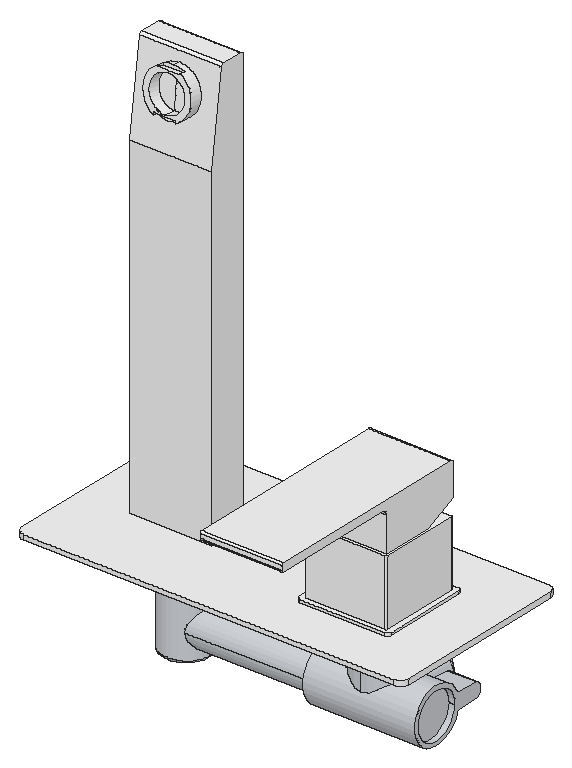
Revit family "Reece_Tap_Mizu_Bloc MK2_Basin Mixer Set", category Plumbing Fixtures, host Face, Revit 2018
Family settings
  Host = Face
  Round Connector Dimension = Use Diameter
  Part Type = Normal
  Cut with Voids When Loaded = No
  Shared = Yes
  Room Calculation Point = Yes
Parameters (values of type "Chrome")
  WFU = 0  # constant formula
  URL = "https://www.reece.com.au/product/-9508072"
  Type Comments = "Tap\r\n"
  Reece_Tap_Reach = 203 mm  # constant formula
  Reece_Tap_Inlet = 25 mm  # constant formula
  Reece_Tap_Clearance = 36 mm  # constant formula
  Reece_Product_Web Page = "https://www.reece.com.au/product/-9508072"
  Reece_Product_Type = "Tap\r\n"  # constant formula
  Reece_Product_Sub Brand = "Bloc MK2\r\n"  # constant formula
  Reece_Product_Number = "9508072"
  Reece_Product_Mount = "Wall Mounted"
  Reece_Product_Description = "Mizu Bloc MK2 Wall Basin Mixer Tap Set Chrome (4 Star)"
  Reece_Product_Brand = "Mizu\r\n"  # constant formula
  Reece_Overall_Width = 200 mm  # constant formula
  Reece_Overall_Length = 100 mm  # constant formula
  Reece_Overall_Height = 139 mm  # constant formula
  Reece_Material-Main = Reece_Brass_Chrome
  Reece_Detail_Installation = ""
  Reece_Detail_Disclaimer = "THIS FILE IS THE PROPERTY OF THE REECE GROUP. IT MAY NOT BE REPRODUCED, REVERSE-ENGINEERED OR MODIFIED. ANY REPUBLICATION, TRANSMISSION OR DISTRIBUTION FOR THE PURPOSE OF COMMERCIALLY EXPLOITING THE FILES IS PROHIBITED."  # constant formula
  Reece_Detail_Connector = ""
  Reece_Detail_Additional = "Basin Mixer Set\r\n"  # constant formula
  Model = "Bloc MK2\r\n"
  Manufacturer = "Mizu\r\n"
  Keynote = "Product #9508072, Reece_Tap_Mizu_Bloc MK2_Basin Mixer Set - Chrome"
  HWFU = 0  # constant formula
  Disclaimer = "THIS FILE IS THE PROPERTY OF THE REECE GROUP. IT MAY NOT BE REPRODUCED, REVERSE-ENGINEERED OR MODIFIED. ANY REPUBLICATION, TRANSMISSION OR DISTRIBUTION FOR THE PURPOSE OF COMMERCIALLY EXPLOITING THE FILES IS PROHIBITED."  # constant formula
  Description = "Mizu Bloc MK2 Wall Basin Mixer Tap Set Chrome (4 Star)"
  Default Elevation = 1000 mm
  CWFU = 0  # constant formula
Types (3, lengths in mm): name | URL | Reece_Product_Web Page | Reece_Product_Number | Reece_Product_Description | Reece_Material-Main | Keynote | Description
  (no name) | "https://www.reece.com.au/product/-9508072" | "https://www.reece.com.au/product/-9508072" | "9508072" | "Mizu Bloc MK2 Wall Basin Mixer Tap Set Chrome (4 Star)" | Reece_Brass_Chrome | "Product #9508072, Reece_Tap_Mizu_Bloc MK2_Basin Mixer Set -  " | "Mizu Bloc MK2 Wall Basin Mixer Tap Set Chrome (4 Star)"
  Chrome | "https://www.reece.com.au/product/-9508072" | "https://www.reece.com.au/product/-9508072" | "9508072" | "Mizu Bloc MK2 Wall Basin Mixer Tap Set Chrome (4 Star)" | Reece_Brass_Chrome | "Product #9508072, Reece_Tap_Mizu_Bloc MK2_Basin Mixer Set - Chrome" | "Mizu Bloc MK2 Wall Basin Mixer Tap Set Chrome (4 Star)"
  Matte Black | "https://www.reece.com.au/product/-9508086" | "https://www.reece.com.au/product/-9508086" | "9508086" | "Mizu Bloc MK2 Wall Basin Mixer Tap Set Matte Black (4 Star)" | Reece_Brass_Matte Black | "Product #9508086, Reece_Tap_Mizu_Bloc MK2_Basin Mixer Set - Matte Black" | "Mizu Bloc MK2 Wall Basin Mixer Tap Set Matte Black (4 Star)"
Reference planes
  plane 1 "Center (Front/Back)": y = 0
  plane 2 "Bottom": z = 0
  plane 3 "Center (Left/Right)": x = 0
  plane 4: z = 64.055
  plane 5: z = 37.918
  plane 6: z = -56.108
  plane 7 "top": z = 222.892
  plane 8: z = 205.571
  plane 9: x = 50
  plane 10: y = 50.042
  plane 11: y = -49.958
  plane 12: x = -50
  plane 13: y = -88.958
  plane 14: y = 21.002
  plane 15: x = -98.343
  plane 16: x = 101.657
  plane 17: z = 2.571
  plane 18: y = -13.958
Forms (mm)
  Extrusion 1, solid
    sketch origin (50.581, 0, 0.182) x (0, 1, 0) y (0, 0, 1)
      loop
        arc (27.671, -40.423) -> (27.105, -38.998) -> (25.715, -38.352) r 2.075
        line (25.715, -38.352) -> (14.251, -37.697)
        arc (14.251, -37.697) -> (13.306, -37.405) -> (12.605, -36.709) r 2.065
        arc (12.605, -36.709) -> (-14.259, -42.344) -> (12.666, -47.68) r 14.007
        arc (12.666, -47.68) -> (13.13, -46.559) -> (14.251, -46.095) r 1.585
        line (14.251, -46.095) -> (25.576, -45.528)
        arc (25.576, -45.528) -> (27.064, -44.846) -> (27.671, -43.326) r 2.205
        line (27.671, -43.326) -> (27.671, -40.423)
    from -28.981 to 28.981
  Revolve 2, solid
    sketch origin (50.269, 0, 0) x (0, 1, 0) y (0, 0, 1)
      loop
        arc (29.5, -56.006) -> (30.536, -55.577) -> (30.965, -54.541) r 1.465
        line (30.965, -54.541) -> (30.965, -41.714) -> (-13.423, -41.714) -> (-13.423, -43.07)
        arc (-13.423, -43.07) -> (-9.635, -52.217) -> (-0.488, -56.006) r 12.935
        line (-0.488, -56.006) -> (29.5, -56.006)
      axis (30.965, -41.714) -> (-13.423, -41.714)
    angle from 0 to 360
  Revolve 3, solid
    sketch origin (50.581, 0, 0) x (0, 1, 0) y (0, 0, 1)
      loop
        line (-12.825, -7.147) -> (-12.825, -38.395) -> (3.125, -38.395) -> (3.125, -5.105) -> (-14.796, -5.105)
        arc (-14.796, -5.105) -> (-13.398, -5.728) -> (-12.825, -7.147) r 2.044
      axis (3.125, -5.105) -> (3.125, -38.395)
    angle from 0 to 360
  Extrusion 4, void
    sketch origin (51.206, 0, -0.625) x (1, 0, 0) y (0, 0, 1)
      loop
        circle (0.156, -41.698) r 12
    from -26.249 to -38.389
  Extrusion 5, void
    sketch origin (50.581, 0, -0.625) x (0, 1, 0) y (0, 0, 1)
      loop
        circle (-0.313, -41.714) r 12
    from 25.624 to 35.9
  Extrusion 6, void
    sketch origin (50.581, 0, -0.625) x (0, 1, 0) y (0, 0, -1)
      loop
        circle (-0.313, 41.714) r 12
    from 25.624 to 35.9
  Revolve 7, solid
    sketch origin (50, 3.125, 0) x (0, 1, 0) y (0, 0, 1)
      loop
        line (-15.421, -5.105) -> (0, -5.105) -> (0, -0.234) -> (-26.6, -0.234)
        arc (-26.6, -0.234) -> (-26.169, -1.48) -> (-25.141, -2.305) r 2.38
        line (-25.141, -2.305) -> (-25.141, -4.033)
        arc (-25.141, -4.033) -> (-24.931, -4.555) -> (-24.417, -4.784) r 0.751
        line (-24.417, -4.784) -> (-15.421, -5.105)
      axis (0, -0.234) -> (0, -5.105)
    angle from 0 to 360
  Revolve 8, solid, material "Reece_Brass_Chrome" <- "Reece_Material-Main"
    sketch origin (49.653, 0, 0) x (0, 1, 0) y (0, 0, 1)
      loop
        line (-19.077, 37.918) -> (0, 37.918) -> (0, 52.259)
        arc (0, 52.259) -> (-12.408, 48.906) -> (-19.077, 37.918) r 17.297
      axis (0, 52.259) -> (0, 37.918)
    angle from 0 to 360
  Extrusion 9, solid, material "Reece_Brass_Chrome" <- "Reece_Material-Main"
    sketch origin (49.653, 0, 0) x (0, -1, 0) y (0, 0, 1)
      loop
        line (-21.002, 46.308) -> (-5.18, 38.914) -> (21.601, 38.914) -> (21.601, 56.95)
        arc (21.601, 56.95) -> (22.525, 59.179) -> (24.755, 60.103) r 3.153
        line (24.755, 60.103) -> (88.153, 60.103)
        arc (88.153, 60.103) -> (88.722, 60.339) -> (88.958, 60.908) r 0.805
        line (88.958, 60.908) -> (88.958, 63.146)
        arc (88.958, 63.146) -> (88.692, 63.789) -> (88.05, 64.055) r 0.909
        line (88.05, 64.055) -> (-19.98, 64.055)
        arc (-19.98, 64.055) -> (-20.703, 63.756) -> (-21.002, 63.033) r 1.022
        line (-21.002, 63.033) -> (-21.002, 46.308)
    from -21.241 to 21.241
  Extrusion 10, solid, material "Reece_Brass_Chrome" <- "Reece_Material-Main"
    sketch origin (-2.629, 0, -0.156) x (1, 0, 0) y (0, 1, 0)
      loop
        line (74.341, 23.307) -> (30.916, 23.307)
        arc (30.916, 23.307) -> (29.504, 22.723) -> (28.916, 21.313) r 2
        line (28.916, 21.313) -> (28.783, -22.111)
        arc (28.783, -22.111) -> (29.356, -23.502) -> (30.745, -24.079) r 1.962
        line (30.745, -24.079) -> (74.356, -24.079)
        arc (74.356, -24.079) -> (75.77, -23.493) -> (76.356, -22.079) r 2
        line (76.356, -22.079) -> (76.356, 21.293)
        arc (76.356, 21.293) -> (75.766, 22.717) -> (74.341, 23.307) r 2.014
    from 2.708 to 4.075
  Extrusion 11, solid, material "Reece_Brass_Chrome" <- "Reece_Material-Main"
    sketch origin (0, 0, 0) x (1, 0, 0) y (0, 1, 0)
      loop
        line (-98.343, 45.933) -> (-98.343, -45.767)
        arc (-98.343, -45.767) -> (-97.115, -48.731) -> (-94.151, -49.958) r 4.192
        line (-94.151, -49.958) -> (97.467, -49.958)
        arc (97.467, -49.958) -> (100.43, -48.731) -> (101.657, -45.769) r 4.19
        line (101.657, -45.769) -> (101.657, 45.842)
        arc (101.657, 45.842) -> (100.427, 48.812) -> (97.457, 50.042) r 4.2
        line (97.457, 50.042) -> (-94.234, 50.042)
        arc (-94.234, 50.042) -> (-97.14, 48.838) -> (-98.343, 45.933) r 4.109
    from 0 to 2.571
  Extrusion 12, solid, material "Reece_Brass_Chrome" <- "Reece_Material-Main"
    sketch origin (0, 0, 0) x (0, 1, 0) y (0, 0, 1)
      loop
        arc (10.284, 221.532) -> (9.885, 222.493) -> (8.924, 222.892) r 1.36
        line (8.924, 222.892) -> (-2.045, 222.892)
        arc (-2.045, 222.892) -> (-3.001, 222.534) -> (-3.487, 221.636) r 1.456
        line (-3.487, 221.636) -> (-9.845, 176.094) -> (-9.846, 2.845) -> (10.283, 2.845) -> (10.284, 221.532)
    from -71.334 to -28.833
  Extrusion 13, void
    sketch origin (0, 0, 0) x (1, 0, 0) y (0, 0, 1)
      loop
        circle (50.313, -41.993) r 12
    from -36.25 to -30.096
  Revolve 14, solid, material "Reece_Brass_Chrome" <- "Reece_Material-Main"
    sketch origin (-50, 2.468, 1219.2) x (0, -1, 0) y (0, 0, 1)
      loop
        line (6.606, -1002.334) -> (8.273, -1014.38) -> (9.084, -1014.279) -> (7.824, -1005.165) -> (13.817, -1004.308) -> (13.427, -1001.198) -> (6.606, -1002.334)
      axis (8.117, -1014.4) -> (14.974, -1013.541)
    angle from 0 to 360
  Extrusion 15, solid
    sketch origin (0, 0, 0) x (0, 1, 0) y (0, 0, 1)
      loop
        circle (-0.313, -42.339) r 10
    from -50 to 50
  Extrusion 16, void
    sketch origin (0, 0, 0) x (1, 0, 0) y (0, 1, 0)
      loop
        circle (-50, 0) r 13.5
    from -23.891 to -2.305
  Revolve 17, solid
    sketch origin (0, 0, 0) x (1, 0, 0) y (0, 0, 1)
      loop
        line (-50, -0.917) -> (-50, -56.108) -> (-38.001, -56.108)
        arc (-38.001, -56.108) -> (-37.647, -55.961) -> (-37.5, -55.607) r 0.501
        line (-37.5, -55.607) -> (-37.5, -0.917) -> (-50, -0.917)
      axis (-50, -0.917) -> (-50, -56.108)
    angle from 0 to 360
  Extrusion 18, void
    sketch origin (0, 0, 0) x (1, 0, 0) y (0, 1, 0)
      loop
        circle (50.581, 3.125) r 18
    from -16.492 to -5.105
  Extrusion 19, void
    sketch origin (0, 0, 0) x (0, 1, 0) y (0, 0, 1)
      loop
        line (-7.817, 218.613) -> (-12.433, 219.241) -> (-12.837, 216.268) -> (-8.221, 215.64) -> (-7.817, 218.613)
    from -55.66 to -44.347
  Extrusion 20, void
    sketch origin (0, -3.751, -23.681) x (0, 1, 0) y (0, 0, 1)
      loop
        line (-7.733, 219.224) -> (-11.697, 219.763) -> (-12.074, 216.988) -> (-8.111, 216.449) -> (-7.733, 219.224)
    from -55.66 to -44.347
  Extrusion 21, solid, material "Reece_Brass_Chrome" <- "Reece_Material-Main"
    sketch origin (-0.007, -0.004, 0) x (1, 0, 0) y (0, 1, 0)
      loop
        arc (29.211, 21.12) -> (28.645, 20.886) -> (28.411, 20.32) r 0.8
        line (28.411, 20.32) -> (28.411, -20.801)
        arc (28.411, -20.801) -> (28.645, -21.367) -> (29.211, -21.601) r 0.8
        line (29.211, -21.601) -> (70.094, -21.601)
        arc (70.094, -21.601) -> (70.66, -21.367) -> (70.894, -20.801) r 0.8
        line (70.894, -20.801) -> (70.894, 20.362)
        arc (70.894, 20.362) -> (70.672, 20.898) -> (70.135, 21.12) r 0.758
        line (70.135, 21.12) -> (29.211, 21.12)
    from 3.918 to 37.918
  Revolve 22, solid, material "Reece_Brass_Chrome" <- "Reece_Material-Main"
    sketch origin (50, 20.994, 1222.95) x (0, 1, 0) y (0, 0, 1)
      loop
        line (1.168, -1164.314) -> (-5.603, -1164.314) -> (-5.603, -1168.314) -> (2.895, -1168.314)
        arc (2.895, -1168.314) -> (2.706, -1166.389) -> (1.847, -1164.655) r 5.379
        arc (1.847, -1164.655) -> (1.548, -1164.404) -> (1.168, -1164.314) r 0.847
      axis (2.895, -1168.314) -> (-5.603, -1168.314)
    angle from 0 to 360
Cuts and joins
  Extrusion 20 cuts Revolve 8
  Extrusion 20 cuts Extrusion 9
  Extrusion 20 cuts Extrusion 10
  Extrusion 20 cuts Extrusion 11
  Extrusion 20 cuts Extrusion 12
  Extrusion 19, Extrusion 20 cuts Revolve 14
  joined: Revolve 8, Extrusion 9, Extrusion 10, Extrusion 11, Extrusion 12, Revolve 14, Extrusion 21, Revolve 22
  Extrusion 4, Extrusion 5, Extrusion 6 cuts Extrusion 1
  Extrusion 13 cuts Revolve 2
  joined: Extrusion 1, Revolve 2, Revolve 3, Extrusion 15, Revolve 17
Text (mm)
  text "Reece Copyright © 2018, Reece Ltd." at (36.045, -176.794, 0), in view "Ref. Level"
  text "Reece ©" at (90.751, 227.549, 114.577), in view "Reece Preview"
Dimensions and locks
  plane 12 to plane 9 = 100 mm
  "Reece_Overall_Length": plane 11 to plane 10
  "Reece_Overall_Width": plane 15 to plane 16
  "Reece_Overall_Height": plane 13 to plane 10
  Extrusion 11 to Extrusion 11 = 2.571 mm
  "Reece_Tap_Clearance": plane 18 to plane 11
  plane 14 to plane 13 = 109.961 mm
  cut or joined group 1 (Revolve 8, Extrusion 9, Extrusion 10, Extrusion 11, Extrusion 12, Revolve 14, Extrusion 19, Extrusion 20, Extrusion 21, Revolve 22) to plane 5 = 35.347 mm  (x2)
  host face to cut or joined group 1 = 60 mm  (x2)
  plane 6 to plane 7 "top" = 279 mm  (x3)
  plane 15 to plane 16 = 200 mm  (x2)
  plane 8 to cut or joined group 1 = 203 mm
  plane 5 to cut or joined group 1 = 35.347 mm  (x2)
  plane 7 "top" to plane 6 = 279 mm
  plane 17 to plane 2 "Bottom" = 2.571 mm
  cut or joined group 1 to cut or joined group 1 = 42.483 mm  (x2)
  cut or joined group 1 to plane 8 = 203 mm
  "Reece_Tap_Reach": plane 8 to plane 17
  plane 13 to plane 14 = 109.961 mm
  aligned and locked: plane 2 "Bottom" to host face
  aligned and locked: level to host face
  aligned and locked: plane 12 to Revolve 17 sketch curve
Automatic sketch dimensions
  host sketch curve to host sketch curve = 380.785 mm
  host sketch curve to host sketch curve = 317.421 mm
  plane 1 "Center (Front/Back)" to Extrusion 1 sketch curve = 0.252 mm
  Extrusion 1 sketch curve to plane 14 = 6.751 mm  (x2)
  Extrusion 1 sketch curve to Extrusion 1 sketch curve = 0.118 mm  (x2)
  plane 14 to Extrusion 1 sketch curve = 4.464 mm
  Extrusion 1 sketch curve to Extrusion 1 sketch curve = 0.11 mm
  Extrusion 1 sketch curve to Extrusion 1 sketch curve = 0.13 mm
  Extrusion 1 sketch curve to Extrusion 1 sketch curve = 2.205 mm
  Extrusion 1 sketch curve to plane 6 = 8.61 mm
  Extrusion 1 sketch curve to Extrusion 1 sketch curve = 1.585 mm
  Extrusion 1 sketch curve to plane 6 = 10.762 mm
  Extrusion 1 sketch curve to Extrusion 1 sketch curve = 5.414 mm
  Extrusion 1 sketch curve to Extrusion 1 sketch curve = 2.903 mm
  Extrusion 1 sketch curve to Extrusion 1 sketch curve = 8.398 mm
  Extrusion 1 sketch curve to Extrusion 1 sketch curve = 2.062 mm
  plane 18 to Revolve 2 sketch curve = 0.535 mm
  plane 1 "Center (Front/Back)" to Revolve 2 sketch curve = 0.488 mm
  Revolve 2 sketch curve to plane 6 = 0.102 mm
  plane 14 to Revolve 2 sketch curve = 8.498 mm
  plane 14 to Revolve 2 sketch curve = 9.963 mm
  Revolve 2 sketch curve to Revolve 2 sketch curve = 12.828 mm
  Revolve 2 sketch curve to plane 11 = 11.066 mm
  plane 10 to Revolve 2 sketch curve = 5.254 mm
  Revolve 2 sketch curve to plane 6 = 14.395 mm
  Revolve 3 sketch curve to plane 18 = 0.91 mm
  Revolve 3 sketch curve to plane 18 = 0.837 mm
  plane 18 to Revolve 3 sketch curve = 1.133 mm
  Revolve 3 sketch curve to plane 1 "Center (Front/Back)" = 3.125 mm  (x2)
  Revolve 3 sketch curve to plane 6 = 17.713 mm
  Revolve 3 sketch curve to level = 7.147 mm
  Revolve 3 sketch curve to plane 6 = 0.889 mm
  plane 17 to Revolve 3 sketch curve = 6.855 mm
  plane 9 to Extrusion 4 sketch curve = 1.363 mm
  Extrusion 4 sketch curve to plane 6 = 13.785 mm
  plane 1 "Center (Front/Back)" to Extrusion 5 sketch curve = 0.312 mm
  Extrusion 5 sketch curve to plane 6 = 13.77 mm
  plane 1 "Center (Front/Back)" to Extrusion 6 sketch curve = 0.312 mm
  Extrusion 6 sketch curve to plane 6 = 13.77 mm
  Revolve 7 sketch curve to level = 0.234 mm
  Revolve 7 sketch curve to plane 18 = 9.517 mm
  Revolve 7 sketch curve to Revolve 7 sketch curve = 1.459 mm
  Revolve 7 sketch curve to Revolve 7 sketch curve = 0.724 mm
  Revolve 7 sketch curve to Revolve 7 sketch curve = 0.027 mm
  Revolve 7 sketch curve to level = 0.109 mm
  Revolve 7 sketch curve to Revolve 7 sketch curve = 2.376 mm
  plane 18 to Revolve 7 sketch curve = 1.663 mm
  Revolve 7 sketch curve to plane 1 "Center (Front/Back)" = 3.125 mm  (x2)
  Revolve 7 sketch curve to Revolve 7 sketch curve = 1.729 mm
  Revolve 7 sketch curve to Revolve 7 sketch curve = 4.87 mm
  Revolve 7 sketch curve to Revolve 7 sketch curve = 9.999 mm
  plane 17 to Revolve 7 sketch curve = 3.946 mm
  Revolve 8 sketch curve to plane 5 = 0 mm
  Revolve 8 sketch curve to plane 1 "Center (Front/Back)" = 0 mm  (x2)
  plane 1 "Center (Front/Back)" to Revolve 8 sketch curve = 2.014 mm
  Revolve 8 sketch curve to plane 18 = 5.119 mm
  Revolve 8 sketch curve to plane 5 = 2.838 mm
  Revolve 8 sketch curve to plane 6 = 6.879 mm
  plane 4 to Revolve 8 sketch curve = 42.824 mm
  Extrusion 9 sketch curve to plane 14 = 0 mm
  Extrusion 9 sketch curve to plane 13 = 0 mm
  Extrusion 9 sketch curve to plane 4 = 0 mm
  Extrusion 9 sketch curve to plane 14 = 1.022 mm
  plane 5 to Extrusion 9 sketch curve = 0.996 mm
  Extrusion 9 sketch curve to plane 1 "Center (Front/Back)" = 5.18 mm
  Extrusion 9 sketch curve to plane 18 = 7.643 mm
  Extrusion 9 sketch curve to Extrusion 9 sketch curve = 3.153 mm
  plane 13 to Extrusion 9 sketch curve = 0.909 mm
  plane 13 to Extrusion 9 sketch curve = 0.805 mm
  plane 5 to Extrusion 9 sketch curve = 8.389 mm
  Extrusion 9 sketch curve to plane 4 = 7.106 mm
  Extrusion 10 sketch curve to plane 18 = 8.153 mm
  Extrusion 10 sketch curve to plane 9 = 23.846 mm
  plane 14 to Extrusion 10 sketch curve = 0.311 mm
  Extrusion 10 sketch curve to plane 9 = 23.712 mm
  Extrusion 10 sketch curve to Extrusion 10 sketch curve = 1.962 mm
  plane 14 to Extrusion 10 sketch curve = 2.305 mm
  Extrusion 10 sketch curve to Extrusion 10 sketch curve = 2 mm  (x2)
  plane 14 to Extrusion 10 sketch curve = 0.29 mm  (x2)
  plane 9 to Extrusion 10 sketch curve = 21.712 mm
  Extrusion 10 sketch curve to plane 18 = 10.121 mm
  plane 9 to Extrusion 10 sketch curve = 21.727 mm
  Extrusion 10 sketch curve to plane 18 = 8.121 mm
  Extrusion 11 sketch curve to plane 15 = 0 mm
  plane 10 to Extrusion 11 sketch curve = 0 mm
  plane 11 to Extrusion 11 sketch curve = 0 mm
  Extrusion 11 sketch curve to plane 16 = 0 mm
  Extrusion 11 sketch curve to plane 15 = 4.109 mm
  Extrusion 11 sketch curve to plane 15 = 4.192 mm
  plane 16 to Extrusion 11 sketch curve = 4.2 mm
  Extrusion 11 sketch curve to Extrusion 11 sketch curve = 4.19 mm
  plane 17 to Extrusion 12 sketch curve = 0.274 mm
  plane 18 to Extrusion 12 sketch curve = 4.112 mm
  plane 18 to Extrusion 12 sketch curve = 4.113 mm
  plane 7 "top" to Extrusion 12 sketch curve = 1.256 mm
  plane 1 "Center (Front/Back)" to Extrusion 12 sketch curve = 3.487 mm
  Extrusion 12 sketch curve to Extrusion 12 sketch curve = 1.442 mm
  plane 7 "top" to Extrusion 12 sketch curve = 0 mm  (x2)
  Extrusion 12 sketch curve to Extrusion 12 sketch curve = 0 mm  (x3)
  plane 7 "top" to Extrusion 12 sketch curve = 1.36 mm
  Extrusion 12 sketch curve to plane 1 "Center (Front/Back)" = 8.924 mm
  Extrusion 12 sketch curve to plane 8 = 29.477 mm
  plane 9 to Extrusion 13 sketch curve = 0.313 mm
  Extrusion 13 sketch curve to plane 6 = 14.115 mm
  Revolve 14 sketch curve to plane 1 "Center (Front/Back)" = 0 mm
  plane 1 "Center (Front/Back)" to Revolve 14 sketch curve = 4.138 mm
  Revolve 14 sketch curve to Revolve 14 sketch curve = 1.218 mm
  Revolve 14 sketch curve to plane 8 = 0.751 mm
  plane 1 "Center (Front/Back)" to Revolve 14 sketch curve = 5.805 mm
  Revolve 14 sketch curve to plane 8 = 0.65 mm
  Revolve 14 sketch curve to Revolve 14 sketch curve = 0.811 mm
  plane 18 to Revolve 14 sketch curve = 2.999 mm
  plane 18 to Revolve 14 sketch curve = 2.609 mm
  plane 8 to Revolve 14 sketch curve = 8.464 mm
  Revolve 14 sketch curve to Revolve 14 sketch curve = 0.856 mm
  Revolve 14 sketch curve to Revolve 14 sketch curve = 2.83 mm
  Revolve 14 sketch curve to Revolve 14 sketch curve = 3.11 mm
  plane 8 to Revolve 14 sketch curve = 2.063 mm
  Revolve 14 sketch curve to plane 18 = 14.306 mm
  Revolve 14 sketch curve to plane 8 = 1.479 mm
  plane 1 "Center (Front/Back)" to Extrusion 15 sketch curve = 0.312 mm
  Extrusion 15 sketch curve to plane 6 = 13.77 mm
  plane 1 "Center (Front/Back)" to Extrusion 16 sketch curve = 0 mm
  Extrusion 16 sketch curve to plane 12 = 0 mm
  plane 12 to Revolve 17 sketch curve = 0 mm
  Revolve 17 sketch curve to plane 6 = 0 mm
  Revolve 17 sketch curve to plane 12 = 11.999 mm
  Revolve 17 sketch curve to level = 0.917 mm
  Revolve 17 sketch curve to plane 12 = 12.5 mm
  Revolve 17 sketch curve to Revolve 17 sketch curve = 15.06 mm
  Revolve 17 sketch curve to plane 5 = 16.537 mm
  plane 9 to Extrusion 18 sketch curve = 0.581 mm
  Extrusion 18 sketch curve to plane 1 "Center (Front/Back)" = 3.125 mm
  plane 18 to Extrusion 19 sketch curve = 1.121 mm
  plane 18 to Extrusion 19 sketch curve = 1.526 mm
  Extrusion 19 sketch curve to Extrusion 19 sketch curve = 4.616 mm
  plane 7 "top" to Extrusion 19 sketch curve = 7.252 mm
  Extrusion 19 sketch curve to Extrusion 19 sketch curve = 0.628 mm
  Extrusion 20 sketch curve to plane 18 = 1.867 mm
  Extrusion 20 sketch curve to Extrusion 20 sketch curve = 0.377 mm
  plane 18 to Extrusion 20 sketch curve = 2.097 mm
  Extrusion 20 sketch curve to plane 8 = 12.803 mm
  Extrusion 20 sketch curve to Extrusion 20 sketch curve = 0.539 mm
  Extrusion 21 sketch curve to plane 18 = 6.847 mm  (x2)
  Extrusion 21 sketch curve to plane 9 = 21.596 mm
  Extrusion 21 sketch curve to Extrusion 21 sketch curve = 0.8 mm  (x2)
  plane 9 to Extrusion 21 sketch curve = 20.087 mm
  Extrusion 21 sketch curve to Extrusion 21 sketch curve = 0.758 mm
  Extrusion 21 sketch curve to plane 14 = 0.686 mm
  Revolve 22 sketch curve to plane 14 = 5.611 mm
  Revolve 22 sketch curve to Revolve 22 sketch curve = 3.137 mm
  plane 14 to Revolve 22 sketch curve = 1.16 mm
  plane 14 to Revolve 22 sketch curve = 2.887 mm
  plane 5 to Revolve 22 sketch curve = 16.718 mm
  Revolve 22 sketch curve to Revolve 22 sketch curve = 0.444 mm
  Revolve 22 sketch curve to Revolve 22 sketch curve = 3.153 mm
  Revolve 22 sketch curve to Revolve 22 sketch curve = 0.341 mm
  Revolve 22 sketch curve to Revolve 22 sketch curve = 1.904 mm
  Revolve 22 sketch curve to Revolve 22 sketch curve = 1.562 mm
  Revolve 22 sketch curve to Revolve 22 sketch curve = 0 mm
  radius of Extrusion 4 sketch curve = 12 mm
  radius of Extrusion 5 sketch curve = 12 mm
  radius of Extrusion 6 sketch curve = 12 mm
  radius of Extrusion 13 sketch curve = 12 mm
  radius of Extrusion 15 sketch curve = 10 mm
  radius of Extrusion 16 sketch curve = 13.5 mm
  radius of Extrusion 18 sketch curve = 18 mm
Connectors
  piping at (50.313, 30.096, -41.993), diameter 25, driven by "Reece_Tap_Inlet"
    settings: on cut or joined group 2 (Extrusion 1, Revolve 2, Revolve 3, Extrusion 4, Extrusion 5, Extrusion 6, Extrusion 13, Extrusion 15, Revolve 17), index 1, connector inside diameter 609.6 mm, connector length 0 mm, flow factor 0, pipe flow 0.0 L/s, pressure drop 0.0 Pa, fitting loss kfactor 0, connector angle 0.00°, fixture units 0, engagement length 0 mm, angle of deflection 0.00°, flow configuration 0, flow direction 1, fitting loss method 0, system type 29, joint type 0, gender type 0, connector reference index -1, connector utility 0, adjustable connector no, is connector primary yes, connector description ""
  piping at (76.206, -0.313, -42.339), diameter 25, driven by "Reece_Tap_Inlet"
    settings: on cut or joined group 2, index 2, connector inside diameter 609.6 mm, connector length 0 mm, flow factor 0, pipe flow 0.0 L/s, pressure drop 0.0 Pa, fitting loss kfactor 0, connector angle 0.00°, fixture units 0, engagement length 0 mm, angle of deflection 0.00°, flow configuration 0, flow direction 1, fitting loss method 0, system type 29, joint type 0, gender type 0, connector reference index -1, connector utility 0, adjustable connector no, is connector primary no, connector description ""
  piping at (-50, 0, -9.564), diameter 25, driven by "Reece_Tap_Inlet"
    settings: on host face, index 3, connector inside diameter 609.6 mm, connector length 0 mm, flow factor 0, pipe flow 0.0 L/s, pressure drop 0.0 Pa, fitting loss kfactor 0, connector angle 0.00°, fixture units 0, engagement length 0 mm, angle of deflection 0.00°, flow configuration 0, flow direction 1, fitting loss method 0, system type 29, joint type 0, gender type 0, connector reference index -1, connector utility 0, adjustable connector no, is connector primary no, connector description ""
